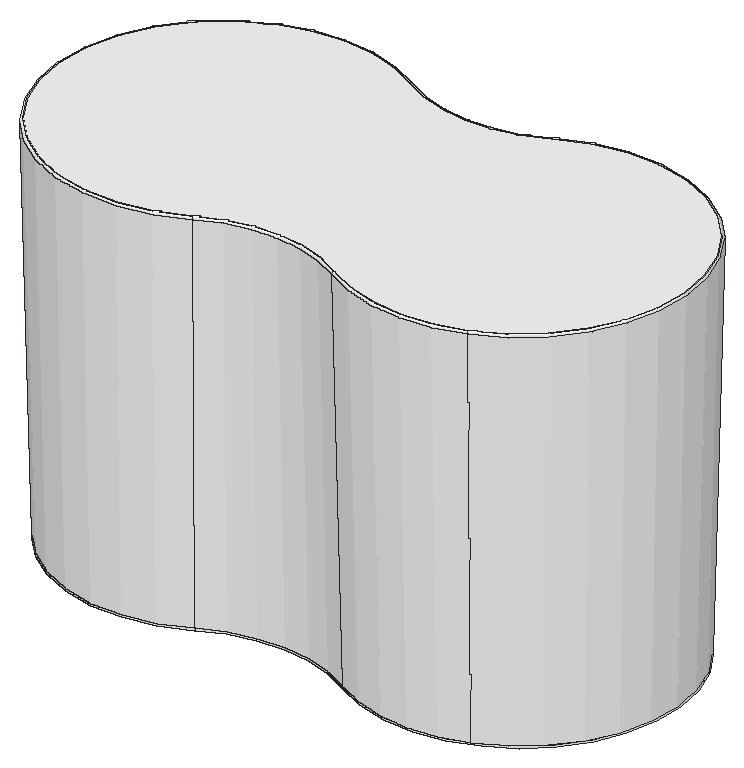
Revit family "INTONO C IN 3.8", category Lighting Fixtures, host Ceiling, Revit 2020
Family settings
  Host = Ceiling
  Round Connector Dimension = Use Diameter
  Part Type = Normal
  OmniClass Number = 23.80.70.11
  OmniClass Title = Luminaries for Internal Lighting
  Always vertical = Yes
  Cut with Voids When Loaded = No
  Light Source = Yes
  Shared = No
  Room Calculation Point = Yes
Parameters (values of type "INTONO C IN 3.8 M 20° (3000K CRI90 9W 24Vdc)")
  Wiring = "-"
  Width mm = 85.00 mm
  Weight kg = "1.15 kg"
  Wattage = 5.53379 W
  Vertical rotation max = 0.00°
  URL Technical sheet = "-"
  URL Image = "https://www.lucelight.it/en/prodotto-foto.php/142268"
  URL IES Photometric file = "https://www.lucelight.it/media/prodotti/fotometrie/intono_c_in_3.8_ies.zip"
  URL General code = "https://www.lucelight.it/en/prodotto.php/142268#a-generacodice"
  URL Description = "https://www.lucelight.it/en/capitolato.php/142268"
  URL DXF = "https://www.lucelight.it/media/prodotti/dxf/intono_c_in_3.8.dxf"
  URL Catalogue = "https://www.lucelight.it/media/prodotti/mf_brochure/intono_c_in_brochure_en.pdf"
  URL Accessories and power supply units = "https://www.lucelight.it/en/prodotto.php/142268#a-scheda-accessori"
  URL = "https://www.lucelight.it/en/prodotto.php/142268"
  Trim = L&L_Black glass
  built-in parameter 1150110 = 1 (stored number, unit not read)
  Tilt Angle = -90.00°
  Power supply unit = "not included"
  Power supply = "230Vac"
  Power cables = "-"
  Power = "9W"
  Photometric Web File = "INTONO C 3.8 M 20° [3000K CRI90 9W 24Vdc].IES"
  Optics = "20°"
  Notes = "Version compatible with Google Home or Amazon Echo available on request for voice command control"
  No. and type of led = "1 high power density COB LED, 2-step MacAdam, 50 000h L95 B10 (Ta 25°C)"
  Mounting = "surface mounted (ceiling)"
  Model = "Intono C IN 3.8"
  Material = "Body in die-cast aluminium, screen in black-serigraphed, tempered, transparent extra-clear glass"
  Manufacturer = "L&L Luce&Light"
  Lumen output at source = "822 lm (3000K, CRI 90), 988 lm (3000K, CRI 80)"
  Lens = L&L_Tempered extra-clear glass
  built-in parameter 1114217 = 1 (stored number, unit not read)
  built-in parameter 1150109 = 1 (stored number, unit not read)
  built-in parameter 1150134 = (empty or 0)
  built-in parameter 1150113 = 1 (stored number, unit not read)
  Lumens = 822 lm
  built-in parameter 1150115 = 1 (stored number, unit not read)
  built-in parameter 1150105 = 65.413 (stored number, unit not read)
  built-in parameter 1150137 = (empty or 0)
  built-in parameter 1150139 = (empty or 0)
  Length mm = 160.00 mm
  built-in parameter 1150112 = 1 (stored number, unit not read)
  built-in parameter 1150114 = 1 (stored number, unit not read)
  LED Colour = "2700K, 3000K, 4000K"
  built-in parameter 1150132 = 2
  built-in parameter 1150102 = (empty or 0)
  built-in parameter 1150138 = (empty or 0)
  built-in parameter 1150107 = 3000 (stored number, unit not read)
  built-in parameter 1150106 = 0.65413 (stored number, unit not read)
  IP = "IP40"
  Horizontal rotation max = 0.00°
  Height mm = 100.00 mm
  Features = "easy installation thanks to 4-point magnetic fastener"
  Energy efficiency class = "A A+ A++"
  Emit from Line Length = 609.60 mm
  built-in parameter 1150104 = 13.8 (stored number, unit not read)
  Dimming Lamp Color Temperature Shift = <None>
  Description = "Ceiling mounted for indoor applications"
  Delivered lumen output = "649 lm (3000K, 20°, CRI 90), 783 lm (3000K, 20°, CRI 80)"
  Default Elevation = 0.00 mm
  Cutout dimensions = "-"
  Control system = "ON/OFF"
  Contact = "T: +39 0444 360571; E: lucelight@lucelight.it"
  Company = "L&L Luce&Light"
  Color Filter = 16777215
  Code = "-"
  CRI = "CRI 80; CRI >90"
  built-in parameter 1114218 = 1 (stored number, unit not read)
  Body = L&L _Aluminium low copper
  built-in parameter 1150133 = 10 (stored number, unit not read)
Reference planes
  plane 1 "Light Source Axis (F/B)": y = 0
  plane 2 "Ceiling": z = 2438.4
  plane 3 "Light Source Axis (L/R)": x = 0
  plane 4 "Light Source Elevation": z = 2336.8
Dimensions and locks
  equal spacing: host sketch curve, plane 3 "Light Source Axis (L/R)", host sketch curve
  equal spacing: host sketch curve, plane 1 "Light Source Axis (F/B)", host sketch curve
  host sketch curve to host sketch curve = 3048.00 mm  (x2)
  aligned and locked: plane 3 "Light Source Axis (L/R)" to imposter light
  aligned and locked: plane 1 "Light Source Axis (F/B)" to imposter light
  aligned and locked: plane 4 "Light Source Elevation" to imposter light
Nested families
  nested 1: "INTONO C IN 3.8_mod" at (0, 0, 2438.4), type "INTONO C IN 3.8_mod"
Definition of nested family "INTONO C IN 3.8_mod"
  Parameters (values of type "INTONO C IN 3.8_mod")
    Trim = none
    Lens = none
    Default Elevation = 1219.20 mm
    Body = none
    B = none
  Reference planes
    plane 1 "Light Source Axis (F/B)": y = 0
    plane 2: z = 0
    plane 3 "Light Source Axis (L/R)": x = 0
    plane 4 "Light Source Elevation": z = 0
    plane 5: z = 82.5
    plane 6: x = -51.427
    plane 7: x = 51.427
    plane 8: x = 50.013
    plane 9: x = -50.013
    plane 10: z = -100.7
  Forms (mm)
    Sweep 1, solid, material <- "Body", detail levels medium+fine
      path origin (0, 0, 0) x (0, 1, 0) y (-1, 0, 0)
        loop
          arc (36.903, 18.694) -> (42.54, 37.522) -> (39.127, 56.877) r 42.612
          arc (39.127, 56.877) -> (-19.124, 78.08) -> (-36.903, 18.694) r 42.612
          arc (-36.903, 18.694) -> (-31.894, 0) -> (-36.903, -18.694) r 37.388
          arc (-36.903, -18.694) -> (-42.54, -37.522) -> (-39.127, -56.877) r 42.612
          arc (-39.127, -56.877) -> (19.124, -78.08) -> (36.903, -18.694) r 42.612
          arc (36.903, -18.694) -> (31.894, 0) -> (36.903, 18.694) r 37.388
      profile origin (-37.522, 42.54, 0) x (-0.05815, -0.998308, 0) y (0, 0, 1)
        loop
          line (0, -0.593) -> (2.488, -100.2) -> (3.366, -100.2) -> (5.058, -100.2) -> (0.566, -0.001)
          arc (0.566, -0.001) -> (0.164, -0.183) -> (0, -0.593) r 0.593
    Extrusion 2, solid, material <- "Body", detail levels coarse
      sketch origin (67.536, 184.895, -80.493) x (0, 1, 0) y (-1, 0, 0)
        loop
          arc (-147.719, 128.363) -> (-205.962, 144.577) -> (-221.798, 86.23) r 42.612
          arc (-221.798, 86.23) -> (-216.789, 67.536) -> (-221.798, 48.842) r 37.388
          arc (-221.798, 48.842) -> (-227.506, 27.812) -> (-222.071, 6.71) r 42.612
          arc (-222.071, 6.71) -> (-163.828, -9.504) -> (-147.992, 48.842) r 42.612
          arc (-147.992, 48.842) -> (-153.001, 67.536) -> (-147.992, 86.23) r 37.388
          arc (-147.992, 86.23) -> (-142.284, 107.261) -> (-147.719, 128.363) r 42.612
      from -20.207 to 80.493
    Extrusion 3, solid, material <- "Body", detail levels medium+fine
      sketch origin (0, 0, -2) x (0, 1, 0) y (-1, 0, 0)
        loop
          arc (-36.413, 18.977) -> (-31.328, 0) -> (-36.413, -18.977) r 37.954
          arc (-36.413, -18.977) -> (-41.974, -37.555) -> (-38.607, -56.653) r 42.046
          arc (-38.607, -56.653) -> (18.87, -77.573) -> (36.413, -18.977) r 42.046
          arc (36.413, -18.977) -> (31.328, 0) -> (36.413, 18.977) r 37.954
          arc (36.413, 18.977) -> (41.974, 37.555) -> (38.607, 56.653) r 42.046
          arc (38.607, 56.653) -> (-18.87, 77.573) -> (-36.413, 18.977) r 42.046
      from 0 to 2
    Extrusion 4, solid, material <- "Body", detail levels medium+fine
      sketch origin (-25, 0, -100.2) x (0.879138, 0.476568, 0) y (0.476568, -0.879138, 0)
        loop
          arc (90.792, 9.061) -> (78.606, 64.917) -> (22.919, 51.982) r 40.156
          arc (22.919, 51.982) -> (7.949, 37.795) -> (-12.109, 32.993) r 39.844
          arc (-12.109, 32.993) -> (-31.849, 28.408) -> (-46.836, 14.767) r 40.156
          arc (-46.836, 14.767) -> (-34.649, -41.088) -> (21.038, -28.153) r 40.156
          arc (21.038, -28.153) -> (36.008, -13.966) -> (56.066, -9.165) r 39.844
          arc (56.066, -9.165) -> (75.805, -4.58) -> (90.792, 9.061) r 40.156
        loop
          circle (57.144, 30.977) r 36.141
        loop
          circle (-13.187, -7.149) r 36.141
      from 0 to 0.5
    Extrusion 5, solid, material <- "B", detail levels fine
      sketch origin (-25, 0, -100.2) x (0.879138, 0.476568, 0) y (0.476568, -0.879138, 0)
        loop
          circle (-13.187, -7.149) r 36.141
        loop
          circle (57.144, 30.977) r 36.141
        loop
          circle (57.144, 30.977) r 30
        loop
          line (-28.602, 12.386) -> (-29.029, 10.948) -> (-27.591, 10.521) -> (-27.164, 11.959) -> (-28.602, 12.386)
        loop
          line (-24.872, 14.408) -> (-25.299, 12.97) -> (-23.861, 12.543) -> (-23.434, 13.981) -> (-24.872, 14.408)
        loop
          line (-21.143, 16.43) -> (-21.57, 14.992) -> (-20.132, 14.565) -> (-19.705, 16.003) -> (-21.143, 16.43)
        loop
          line (-33.227, 7.5) -> (-33.654, 6.062) -> (-32.216, 5.635) -> (-31.789, 7.073) -> (-33.227, 7.5)
        loop
          line (-29.456, 9.51) -> (-29.883, 8.072) -> (-28.445, 7.645) -> (-28.018, 9.083) -> (-29.456, 9.51)
        loop
          line (-27.434, 5.78) -> (-27.861, 4.342) -> (-26.423, 3.915) -> (-25.996, 5.353) -> (-27.434, 5.78)
        loop
          line (-25.412, 2.05) -> (-25.839, 0.612) -> (-24.401, 0.185) -> (-23.974, 1.623) -> (-25.412, 2.05)
        loop
          line (-23.391, -1.68) -> (-23.817, -3.118) -> (-22.38, -3.545) -> (-21.953, -2.107) -> (-23.391, -1.68)
        loop
          line (-21.369, -5.41) -> (-21.796, -6.848) -> (-20.358, -7.274) -> (-19.931, -5.837) -> (-21.369, -5.41)
        loop
          line (-19.347, -9.139) -> (-19.774, -10.577) -> (-18.336, -11.004) -> (-17.909, -9.566) -> (-19.347, -9.139)
        loop
          line (-17.325, -12.869) -> (-17.752, -14.307) -> (-16.314, -14.734) -> (-15.887, -13.296) -> (-17.325, -12.869)
        loop
          line (-15.303, -16.599) -> (-15.73, -18.037) -> (-14.292, -18.464) -> (-13.865, -17.026) -> (-15.303, -16.599)
        loop
          line (-13.281, -20.329) -> (-13.708, -21.767) -> (-12.27, -22.194) -> (-11.843, -20.756) -> (-13.281, -20.329)
        loop
          line (-11.259, -24.059) -> (-11.686, -25.497) -> (-10.248, -25.924) -> (-9.821, -24.486) -> (-11.259, -24.059)
        loop
          line (-9.237, -27.789) -> (-9.664, -29.227) -> (-8.226, -29.654) -> (-7.799, -28.216) -> (-9.237, -27.789)
        loop
          line (-26.58, 8.656) -> (-27.007, 7.218) -> (-25.569, 6.791) -> (-25.142, 8.229) -> (-26.58, 8.656)
        loop
          line (-24.558, 4.926) -> (-24.985, 3.488) -> (-23.547, 3.061) -> (-23.121, 4.499) -> (-24.558, 4.926)
        loop
          line (-22.537, 1.196) -> (-22.964, -0.242) -> (-21.526, -0.669) -> (-21.099, 0.769) -> (-22.537, 1.196)
        loop
          line (-20.515, -2.534) -> (-20.942, -3.972) -> (-19.504, -4.399) -> (-19.077, -2.961) -> (-20.515, -2.534)
        loop
          line (-18.493, -6.264) -> (-18.92, -7.702) -> (-17.482, -8.129) -> (-17.055, -6.691) -> (-18.493, -6.264)
        loop
          line (-16.471, -9.993) -> (-16.898, -11.431) -> (-15.46, -11.858) -> (-15.033, -10.42) -> (-16.471, -9.993)
        loop
          line (-14.449, -13.723) -> (-14.876, -15.161) -> (-13.438, -15.588) -> (-13.011, -14.15) -> (-14.449, -13.723)
        loop
          line (-12.427, -17.453) -> (-12.854, -18.891) -> (-11.416, -19.318) -> (-10.989, -17.88) -> (-12.427, -17.453)
        loop
          line (-10.405, -21.183) -> (-10.832, -22.621) -> (-9.394, -23.048) -> (-8.967, -21.61) -> (-10.405, -21.183)
        loop
          line (-8.383, -24.913) -> (-8.81, -26.351) -> (-7.372, -26.778) -> (-6.945, -25.34) -> (-8.383, -24.913)
        loop
          line (-23.707, 7.802) -> (-24.134, 6.365) -> (-22.696, 5.938) -> (-22.269, 7.375) -> (-23.707, 7.802)
        loop
          line (-21.685, 4.073) -> (-22.112, 2.635) -> (-20.674, 2.208) -> (-20.247, 3.646) -> (-21.685, 4.073)
        loop
          line (-19.663, 0.343) -> (-20.09, -1.095) -> (-18.652, -1.522) -> (-18.225, -0.084) -> (-19.663, 0.343)
        loop
          line (-17.641, -3.387) -> (-18.068, -4.825) -> (-16.63, -5.252) -> (-16.203, -3.814) -> (-17.641, -3.387)
        loop
          line (-15.619, -7.117) -> (-16.046, -8.555) -> (-14.608, -8.982) -> (-14.181, -7.544) -> (-15.619, -7.117)
        loop
          line (-13.597, -10.847) -> (-14.024, -12.285) -> (-12.586, -12.712) -> (-12.159, -11.274) -> (-13.597, -10.847)
        loop
          line (-11.575, -14.577) -> (-12.002, -16.015) -> (-10.564, -16.442) -> (-10.137, -15.004) -> (-11.575, -14.577)
        loop
          line (-9.553, -18.307) -> (-9.98, -19.745) -> (-8.542, -20.172) -> (-8.115, -18.734) -> (-9.553, -18.307)
        loop
          line (-7.531, -22.036) -> (-7.958, -23.474) -> (-6.52, -23.901) -> (-6.093, -22.463) -> (-7.531, -22.036)
        loop
          line (-5.509, -25.766) -> (-5.936, -27.204) -> (-4.498, -27.631) -> (-4.071, -26.193) -> (-5.509, -25.766)
        loop
          line (-22.847, 10.698) -> (-23.274, 9.26) -> (-21.836, 8.833) -> (-21.409, 10.271) -> (-22.847, 10.698)
        loop
          line (-20.825, 6.968) -> (-21.252, 5.53) -> (-19.814, 5.103) -> (-19.387, 6.541) -> (-20.825, 6.968)
        loop
          line (-18.803, 3.238) -> (-19.23, 1.8) -> (-17.792, 1.373) -> (-17.365, 2.811) -> (-18.803, 3.238)
        loop
          line (-16.781, -0.492) -> (-17.208, -1.93) -> (-15.77, -2.357) -> (-15.343, -0.919) -> (-16.781, -0.492)
        loop
          line (-14.759, -4.221) -> (-15.186, -5.659) -> (-13.748, -6.086) -> (-13.321, -4.648) -> (-14.759, -4.221)
        loop
          line (-12.737, -7.951) -> (-13.164, -9.389) -> (-11.726, -9.816) -> (-11.299, -8.378) -> (-12.737, -7.951)
        loop
          line (-10.715, -11.681) -> (-11.142, -13.119) -> (-9.704, -13.546) -> (-9.277, -12.108) -> (-10.715, -11.681)
        loop
          line (-8.693, -15.411) -> (-9.12, -16.849) -> (-7.682, -17.276) -> (-7.255, -15.838) -> (-8.693, -15.411)
        loop
          line (-6.671, -19.141) -> (-7.098, -20.579) -> (-5.661, -21.006) -> (-5.234, -19.568) -> (-6.671, -19.141)
        loop
          line (-4.65, -22.871) -> (-5.077, -24.309) -> (-3.639, -24.736) -> (-3.212, -23.298) -> (-4.65, -22.871)
        loop
          line (-19.948, 9.837) -> (-20.375, 8.399) -> (-18.937, 7.972) -> (-18.51, 9.41) -> (-19.948, 9.837)
        loop
          line (-17.926, 6.107) -> (-18.353, 4.67) -> (-16.915, 4.243) -> (-16.488, 5.68) -> (-17.926, 6.107)
        loop
          line (-15.905, 2.378) -> (-16.332, 0.94) -> (-14.894, 0.513) -> (-14.467, 1.951) -> (-15.905, 2.378)
        loop
          line (-13.883, -1.352) -> (-14.31, -2.79) -> (-12.872, -3.217) -> (-12.445, -1.779) -> (-13.883, -1.352)
        loop
          line (-11.861, -5.082) -> (-12.288, -6.52) -> (-10.85, -6.947) -> (-10.423, -5.509) -> (-11.861, -5.082)
        loop
          line (-9.839, -8.812) -> (-10.266, -10.25) -> (-8.828, -10.677) -> (-8.401, -9.239) -> (-9.839, -8.812)
        loop
          line (-7.817, -12.542) -> (-8.244, -13.98) -> (-6.806, -14.407) -> (-6.379, -12.969) -> (-7.817, -12.542)
        loop
          line (-5.795, -16.272) -> (-6.222, -17.71) -> (-4.784, -18.137) -> (-4.357, -16.699) -> (-5.795, -16.272)
        loop
          line (-3.773, -20.002) -> (-4.2, -21.44) -> (-2.762, -21.867) -> (-2.335, -20.429) -> (-3.773, -20.002)
        loop
          line (-1.751, -23.731) -> (-2.178, -25.169) -> (-0.74, -25.596) -> (-0.313, -24.158) -> (-1.751, -23.731)
        loop
          line (-19.1, 12.693) -> (-19.527, 11.256) -> (-18.089, 10.829) -> (-17.662, 12.266) -> (-19.1, 12.693)
        loop
          line (-17.078, 8.964) -> (-17.505, 7.526) -> (-16.067, 7.099) -> (-15.64, 8.537) -> (-17.078, 8.964)
        loop
          line (-15.056, 5.234) -> (-15.483, 3.796) -> (-14.045, 3.369) -> (-13.618, 4.807) -> (-15.056, 5.234)
        loop
          line (-13.034, 1.504) -> (-13.461, 0.066) -> (-12.024, -0.361) -> (-11.597, 1.077) -> (-13.034, 1.504)
        loop
          line (-11.013, -2.226) -> (-11.44, -3.664) -> (-10.002, -4.091) -> (-9.575, -2.653) -> (-11.013, -2.226)
        loop
          line (-8.991, -5.956) -> (-9.418, -7.394) -> (-7.98, -7.821) -> (-7.553, -6.383) -> (-8.991, -5.956)
        loop
          line (-6.969, -9.686) -> (-7.396, -11.124) -> (-5.958, -11.551) -> (-5.531, -10.113) -> (-6.969, -9.686)
        loop
          line (-4.947, -13.416) -> (-5.374, -14.854) -> (-3.936, -15.281) -> (-3.509, -13.843) -> (-4.947, -13.416)
        loop
          line (-2.925, -17.145) -> (-3.352, -18.583) -> (-1.914, -19.01) -> (-1.487, -17.572) -> (-2.925, -17.145)
        loop
          line (-0.903, -20.875) -> (-1.33, -22.313) -> (0.108, -22.74) -> (0.535, -21.302) -> (-0.903, -20.875)
        loop
          line (-15.397, 14.701) -> (-15.824, 13.263) -> (-14.386, 12.836) -> (-13.959, 14.274) -> (-15.397, 14.701)
        loop
          line (-13.375, 10.971) -> (-13.802, 9.533) -> (-12.364, 9.106) -> (-11.937, 10.544) -> (-13.375, 10.971)
        loop
          line (-11.353, 7.241) -> (-11.78, 5.803) -> (-10.342, 5.376) -> (-9.915, 6.814) -> (-11.353, 7.241)
        loop
          line (-9.331, 3.511) -> (-9.758, 2.073) -> (-8.32, 1.646) -> (-7.893, 3.084) -> (-9.331, 3.511)
        loop
          line (-7.309, -0.218) -> (-7.736, -1.656) -> (-6.298, -2.083) -> (-5.871, -0.645) -> (-7.309, -0.218)
        loop
          line (-5.287, -3.948) -> (-5.714, -5.386) -> (-4.276, -5.813) -> (-3.849, -4.375) -> (-5.287, -3.948)
        loop
          line (-3.265, -7.678) -> (-3.692, -9.116) -> (-2.254, -9.543) -> (-1.827, -8.105) -> (-3.265, -7.678)
        loop
          line (-1.244, -11.408) -> (-1.671, -12.846) -> (-0.233, -13.273) -> (0.194, -11.835) -> (-1.244, -11.408)
        loop
          line (0.778, -15.138) -> (0.351, -16.576) -> (1.789, -17.003) -> (2.216, -15.565) -> (0.778, -15.138)
        loop
          line (2.8, -18.868) -> (2.373, -20.306) -> (3.811, -20.733) -> (4.238, -19.295) -> (2.8, -18.868)
        loop
          line (-14.536, 17.6) -> (-14.963, 16.162) -> (-13.525, 15.735) -> (-13.098, 17.173) -> (-14.536, 17.6)
        loop
          line (-12.514, 13.87) -> (-12.941, 12.432) -> (-11.503, 12.005) -> (-11.076, 13.443) -> (-12.514, 13.87)
        loop
          line (-10.492, 10.14) -> (-10.919, 8.702) -> (-9.481, 8.275) -> (-9.054, 9.713) -> (-10.492, 10.14)
        loop
          line (-8.47, 6.41) -> (-8.897, 4.972) -> (-7.459, 4.545) -> (-7.033, 5.983) -> (-8.47, 6.41)
        loop
          line (-6.449, 2.68) -> (-6.876, 1.242) -> (-5.438, 0.815) -> (-5.011, 2.253) -> (-6.449, 2.68)
        loop
          line (-4.427, -1.05) -> (-4.854, -2.488) -> (-3.416, -2.915) -> (-2.989, -1.477) -> (-4.427, -1.05)
        loop
          line (-2.405, -4.78) -> (-2.832, -6.218) -> (-1.394, -6.645) -> (-0.967, -5.207) -> (-2.405, -4.78)
        loop
          line (-0.383, -8.51) -> (-0.81, -9.947) -> (0.628, -10.374) -> (1.055, -8.937) -> (-0.383, -8.51)
        loop
          line (1.639, -12.239) -> (1.212, -13.677) -> (2.65, -14.104) -> (3.077, -12.666) -> (1.639, -12.239)
        loop
          line (3.661, -15.969) -> (3.234, -17.407) -> (4.672, -17.834) -> (5.099, -16.396) -> (3.661, -15.969)
        loop
          line (-11.662, 16.739) -> (-12.089, 15.301) -> (-10.651, 14.874) -> (-10.224, 16.312) -> (-11.662, 16.739)
        loop
          line (-9.64, 13.009) -> (-10.067, 11.571) -> (-8.629, 11.144) -> (-8.202, 12.582) -> (-9.64, 13.009)
        loop
          line (-7.618, 9.279) -> (-8.045, 7.842) -> (-6.607, 7.415) -> (-6.18, 8.853) -> (-7.618, 9.279)
        loop
          line (-5.596, 5.55) -> (-6.023, 4.112) -> (-4.585, 3.685) -> (-4.158, 5.123) -> (-5.596, 5.55)
        loop
          line (-3.575, 1.82) -> (-4.002, 0.382) -> (-2.564, -0.045) -> (-2.137, 1.393) -> (-3.575, 1.82)
        loop
          line (-1.553, -1.91) -> (-1.98, -3.348) -> (-0.542, -3.775) -> (-0.115, -2.337) -> (-1.553, -1.91)
        loop
          line (0.469, -5.64) -> (0.042, -7.078) -> (1.48, -7.505) -> (1.907, -6.067) -> (0.469, -5.64)
        loop
          line (2.491, -9.37) -> (2.064, -10.808) -> (3.502, -11.235) -> (3.929, -9.797) -> (2.491, -9.37)
        loop
          line (4.513, -13.1) -> (4.086, -14.538) -> (5.524, -14.965) -> (5.951, -13.527) -> (4.513, -13.1)
        loop
          line (-8.78, 15.883) -> (-9.207, 14.445) -> (-7.769, 14.018) -> (-7.342, 15.456) -> (-8.78, 15.883)
        loop
          line (-6.758, 12.154) -> (-7.185, 10.716) -> (-5.747, 10.289) -> (-5.32, 11.727) -> (-6.758, 12.154)
        loop
          line (-4.736, 8.424) -> (-5.163, 6.986) -> (-3.725, 6.559) -> (-3.298, 7.997) -> (-4.736, 8.424)
        loop
          line (-2.714, 4.694) -> (-3.141, 3.256) -> (-1.703, 2.829) -> (-1.276, 4.267) -> (-2.714, 4.694)
        loop
          line (-0.692, 0.964) -> (-1.119, -0.474) -> (0.319, -0.901) -> (0.746, 0.537) -> (-0.692, 0.964)
        loop
          line (1.33, -2.766) -> (0.903, -4.204) -> (2.34, -4.631) -> (2.767, -3.193) -> (1.33, -2.766)
        loop
          line (3.351, -6.496) -> (2.924, -7.934) -> (4.362, -8.361) -> (4.789, -6.923) -> (3.351, -6.496)
        loop
          line (5.373, -10.226) -> (4.946, -11.664) -> (6.384, -12.091) -> (6.811, -10.653) -> (5.373, -10.226)
        loop
          line (7.395, -13.956) -> (6.968, -15.393) -> (8.406, -15.82) -> (8.833, -14.383) -> (7.395, -13.956)
        loop
          line (-18.249, 15.561) -> (-18.676, 14.123) -> (-17.238, 13.697) -> (-16.811, 15.134) -> (-18.249, 15.561)
        loop
          line (-16.227, 11.832) -> (-16.654, 10.394) -> (-15.216, 9.967) -> (-14.789, 11.405) -> (-16.227, 11.832)
        loop
          line (-14.205, 8.102) -> (-14.632, 6.664) -> (-13.194, 6.237) -> (-12.767, 7.675) -> (-14.205, 8.102)
        loop
          line (-12.183, 4.372) -> (-12.61, 2.934) -> (-11.172, 2.507) -> (-10.745, 3.945) -> (-12.183, 4.372)
        loop
          line (-10.161, 0.642) -> (-10.588, -0.796) -> (-9.15, -1.223) -> (-8.723, 0.215) -> (-10.161, 0.642)
        loop
          line (-8.139, -3.088) -> (-8.566, -4.526) -> (-7.128, -4.953) -> (-6.701, -3.515) -> (-8.139, -3.088)
        loop
          line (-6.117, -6.818) -> (-6.544, -8.256) -> (-5.106, -8.683) -> (-4.679, -7.245) -> (-6.117, -6.818)
        loop
          line (-4.095, -10.548) -> (-4.522, -11.986) -> (-3.084, -12.413) -> (-2.657, -10.975) -> (-4.095, -10.548)
        loop
          line (-2.073, -14.277) -> (-2.5, -15.715) -> (-1.062, -16.142) -> (-0.635, -14.704) -> (-2.073, -14.277)
        loop
          line (-0.051, -18.007) -> (-0.478, -19.445) -> (0.96, -19.872) -> (1.387, -18.434) -> (-0.051, -18.007)
        loop
          line (-30.31, 6.634) -> (-30.737, 5.196) -> (-29.299, 4.769) -> (-28.872, 6.207) -> (-30.31, 6.634)
        loop
          line (-28.288, 2.904) -> (-28.715, 1.466) -> (-27.277, 1.039) -> (-26.85, 2.477) -> (-28.288, 2.904)
        loop
          line (-26.266, -0.826) -> (-26.693, -2.264) -> (-25.255, -2.691) -> (-24.828, -1.253) -> (-26.266, -0.826)
        loop
          line (-24.244, -4.556) -> (-24.671, -5.994) -> (-23.234, -6.421) -> (-22.807, -4.983) -> (-24.244, -4.556)
        loop
          line (-22.223, -8.285) -> (-22.65, -9.723) -> (-21.212, -10.15) -> (-20.785, -8.712) -> (-22.223, -8.285)
        loop
          line (-20.201, -12.015) -> (-20.628, -13.453) -> (-19.19, -13.88) -> (-18.763, -12.442) -> (-20.201, -12.015)
        loop
          line (-18.179, -15.745) -> (-18.606, -17.183) -> (-17.168, -17.61) -> (-16.741, -16.172) -> (-18.179, -15.745)
        loop
          line (-16.157, -19.475) -> (-16.584, -20.913) -> (-15.146, -21.34) -> (-14.719, -19.902) -> (-16.157, -19.475)
        loop
          line (-14.135, -23.205) -> (-14.562, -24.643) -> (-13.124, -25.07) -> (-12.697, -23.632) -> (-14.135, -23.205)
        loop
          line (-12.113, -26.935) -> (-12.54, -28.373) -> (-11.102, -28.8) -> (-10.675, -27.362) -> (-12.113, -26.935)
        loop
          line (-31.136, 3.75) -> (-31.563, 2.312) -> (-30.125, 1.885) -> (-29.698, 3.323) -> (-31.136, 3.75)
        loop
          line (-29.114, 0.02) -> (-29.541, -1.418) -> (-28.103, -1.845) -> (-27.676, -0.407) -> (-29.114, 0.02)
        loop
          line (-27.093, -3.71) -> (-27.52, -5.148) -> (-26.082, -5.575) -> (-25.655, -4.137) -> (-27.093, -3.71)
        loop
          line (-25.071, -7.44) -> (-25.498, -8.878) -> (-24.06, -9.305) -> (-23.633, -7.867) -> (-25.071, -7.44)
        loop
          line (-23.049, -11.17) -> (-23.476, -12.608) -> (-22.038, -13.035) -> (-21.611, -11.597) -> (-23.049, -11.17)
        loop
          line (-21.027, -14.899) -> (-21.454, -16.337) -> (-20.016, -16.764) -> (-19.589, -15.326) -> (-21.027, -14.899)
        loop
          line (-19.005, -18.629) -> (-19.432, -20.067) -> (-17.994, -20.494) -> (-17.567, -19.056) -> (-19.005, -18.629)
        loop
          line (-16.983, -22.359) -> (-17.41, -23.797) -> (-15.972, -24.224) -> (-15.545, -22.786) -> (-16.983, -22.359)
        loop
          line (-14.961, -26.089) -> (-15.388, -27.527) -> (-13.95, -27.954) -> (-13.523, -26.516) -> (-14.961, -26.089)
        loop
          line (-34.024, 4.564) -> (-34.451, 3.126) -> (-33.013, 2.699) -> (-32.586, 4.137) -> (-34.024, 4.564)
        loop
          line (-32.002, 0.834) -> (-32.429, -0.604) -> (-30.991, -1.031) -> (-30.564, 0.407) -> (-32.002, 0.834)
        loop
          line (-29.98, -2.896) -> (-30.407, -4.334) -> (-28.969, -4.761) -> (-28.542, -3.323) -> (-29.98, -2.896)
        loop
          line (-27.958, -6.626) -> (-28.385, -8.064) -> (-26.947, -8.491) -> (-26.52, -7.053) -> (-27.958, -6.626)
        loop
          line (-25.936, -10.355) -> (-26.363, -11.793) -> (-24.925, -12.22) -> (-24.498, -10.782) -> (-25.936, -10.355)
        loop
          line (-23.915, -14.085) -> (-24.342, -15.523) -> (-22.904, -15.95) -> (-22.477, -14.512) -> (-23.915, -14.085)
        loop
          line (-21.893, -17.815) -> (-22.32, -19.253) -> (-20.882, -19.68) -> (-20.455, -18.242) -> (-21.893, -17.815)
        loop
          line (-19.871, -21.545) -> (-20.298, -22.983) -> (-18.86, -23.41) -> (-18.433, -21.972) -> (-19.871, -21.545)
        loop
          line (-17.849, -25.275) -> (-18.276, -26.713) -> (-16.838, -27.14) -> (-16.411, -25.702) -> (-17.849, -25.275)
        loop
          line (-15.827, -29.005) -> (-16.254, -30.443) -> (-14.816, -30.87) -> (-14.389, -29.432) -> (-15.827, -29.005)
        loop
          line (-34.877, 1.688) -> (-35.304, 0.25) -> (-33.866, -0.177) -> (-33.439, 1.261) -> (-34.877, 1.688)
        loop
          line (-32.855, -2.042) -> (-33.282, -3.48) -> (-31.844, -3.907) -> (-31.417, -2.469) -> (-32.855, -2.042)
        loop
          line (-30.833, -5.772) -> (-31.26, -7.21) -> (-29.822, -7.637) -> (-29.395, -6.199) -> (-30.833, -5.772)
        loop
          line (-28.811, -9.502) -> (-29.238, -10.94) -> (-27.801, -11.367) -> (-27.374, -9.929) -> (-28.811, -9.502)
        loop
          line (-26.79, -13.232) -> (-27.217, -14.67) -> (-25.779, -15.096) -> (-25.352, -13.659) -> (-26.79, -13.232)
        loop
          line (-24.768, -16.961) -> (-25.195, -18.399) -> (-23.757, -18.826) -> (-23.33, -17.388) -> (-24.768, -16.961)
        loop
          line (-22.746, -20.691) -> (-23.173, -22.129) -> (-21.735, -22.556) -> (-21.308, -21.118) -> (-22.746, -20.691)
        loop
          line (-20.724, -24.421) -> (-21.151, -25.859) -> (-19.713, -26.286) -> (-19.286, -24.848) -> (-20.724, -24.421)
        loop
          line (-18.702, -28.151) -> (-19.129, -29.589) -> (-17.691, -30.016) -> (-17.264, -28.578) -> (-18.702, -28.151)
        loop
          line (-35.731, -1.188) -> (-36.158, -2.626) -> (-34.72, -3.053) -> (-34.293, -1.615) -> (-35.731, -1.188)
        loop
          line (-33.709, -4.918) -> (-34.136, -6.356) -> (-32.698, -6.783) -> (-32.271, -5.345) -> (-33.709, -4.918)
        loop
          line (-31.687, -8.648) -> (-32.114, -10.086) -> (-30.676, -10.513) -> (-30.249, -9.075) -> (-31.687, -8.648)
        loop
          line (-29.665, -12.378) -> (-30.092, -13.816) -> (-28.655, -14.243) -> (-28.228, -12.805) -> (-29.665, -12.378)
        loop
          line (-27.644, -16.107) -> (-28.071, -17.545) -> (-26.633, -17.972) -> (-26.206, -16.534) -> (-27.644, -16.107)
        loop
          line (-25.622, -19.837) -> (-26.049, -21.275) -> (-24.611, -21.702) -> (-24.184, -20.264) -> (-25.622, -19.837)
        loop
          line (-23.6, -23.567) -> (-24.027, -25.005) -> (-22.589, -25.432) -> (-22.162, -23.994) -> (-23.6, -23.567)
        loop
          line (-21.578, -27.297) -> (-22.005, -28.735) -> (-20.567, -29.162) -> (-20.14, -27.724) -> (-21.578, -27.297)
        loop
          line (-36.628, -4.051) -> (-37.055, -5.489) -> (-35.617, -5.916) -> (-35.19, -4.478) -> (-36.628, -4.051)
        loop
          line (-34.606, -7.781) -> (-35.033, -9.219) -> (-33.595, -9.646) -> (-33.168, -8.208) -> (-34.606, -7.781)
        loop
          line (-32.584, -11.511) -> (-33.011, -12.949) -> (-31.573, -13.376) -> (-31.146, -11.938) -> (-32.584, -11.511)
        loop
          line (-30.562, -15.241) -> (-30.989, -16.679) -> (-29.551, -17.106) -> (-29.124, -15.668) -> (-30.562, -15.241)
        loop
          line (-28.54, -18.971) -> (-28.967, -20.409) -> (-27.529, -20.836) -> (-27.102, -19.398) -> (-28.54, -18.971)
        loop
          line (-26.518, -22.7) -> (-26.945, -24.138) -> (-25.507, -24.565) -> (-25.08, -23.127) -> (-26.518, -22.7)
        loop
          line (-24.497, -26.43) -> (-24.924, -27.868) -> (-23.486, -28.295) -> (-23.059, -26.857) -> (-24.497, -26.43)
        loop
          line (-37.449, -6.937) -> (-37.876, -8.375) -> (-36.438, -8.802) -> (-36.011, -7.364) -> (-37.449, -6.937)
        loop
          line (-35.427, -10.667) -> (-35.854, -12.105) -> (-34.416, -12.532) -> (-33.989, -11.094) -> (-35.427, -10.667)
        loop
          line (-33.406, -14.396) -> (-33.833, -15.834) -> (-32.395, -16.261) -> (-31.968, -14.823) -> (-33.406, -14.396)
        loop
          line (-31.384, -18.126) -> (-31.811, -19.564) -> (-30.373, -19.991) -> (-29.946, -18.553) -> (-31.384, -18.126)
        loop
          line (-29.362, -21.856) -> (-29.789, -23.294) -> (-28.351, -23.721) -> (-27.924, -22.283) -> (-29.362, -21.856)
        loop
          line (-27.34, -25.586) -> (-27.767, -27.024) -> (-26.329, -27.451) -> (-25.902, -26.013) -> (-27.34, -25.586)
        loop
          line (-36.264, -13.485) -> (-36.691, -14.923) -> (-35.253, -15.35) -> (-34.826, -13.912) -> (-36.264, -13.485)
        loop
          line (-34.242, -17.215) -> (-34.669, -18.653) -> (-33.231, -19.08) -> (-32.804, -17.642) -> (-34.242, -17.215)
        loop
          line (-32.221, -20.945) -> (-32.648, -22.383) -> (-31.21, -22.81) -> (-30.783, -21.372) -> (-32.221, -20.945)
        loop
          line (-5.912, 15.032) -> (-6.339, 13.594) -> (-4.901, 13.167) -> (-4.474, 14.605) -> (-5.912, 15.032)
        loop
          line (-3.89, 11.302) -> (-4.317, 9.864) -> (-2.879, 9.437) -> (-2.452, 10.875) -> (-3.89, 11.302)
        loop
          line (-1.868, 7.572) -> (-2.295, 6.134) -> (-0.857, 5.707) -> (-0.43, 7.145) -> (-1.868, 7.572)
        loop
          line (0.154, 3.842) -> (-0.273, 2.404) -> (1.164, 1.977) -> (1.591, 3.415) -> (0.154, 3.842)
        loop
          line (2.175, 0.112) -> (1.748, -1.326) -> (3.186, -1.753) -> (3.613, -0.315) -> (2.175, 0.112)
        loop
          line (4.197, -3.618) -> (3.77, -5.055) -> (5.208, -5.482) -> (5.635, -4.045) -> (4.197, -3.618)
        loop
          line (6.219, -7.347) -> (5.792, -8.785) -> (7.23, -9.212) -> (7.657, -7.774) -> (6.219, -7.347)
        loop
          line (8.241, -11.077) -> (7.814, -12.515) -> (9.252, -12.942) -> (9.679, -11.504) -> (8.241, -11.077)
        loop
          line (-3.035, 14.181) -> (-3.462, 12.743) -> (-2.024, 12.316) -> (-1.597, 13.754) -> (-3.035, 14.181)
        loop
          line (-1.013, 10.451) -> (-1.44, 9.013) -> (-0.002, 8.586) -> (0.425, 10.024) -> (-1.013, 10.451)
        loop
          line (1.009, 6.721) -> (0.582, 5.284) -> (2.019, 4.857) -> (2.446, 6.295) -> (1.009, 6.721)
        loop
          line (3.03, 2.992) -> (2.603, 1.554) -> (4.041, 1.127) -> (4.468, 2.565) -> (3.03, 2.992)
        loop
          line (5.052, -0.738) -> (4.625, -2.176) -> (6.063, -2.603) -> (6.49, -1.165) -> (5.052, -0.738)
        loop
          line (7.074, -4.468) -> (6.647, -5.906) -> (8.085, -6.333) -> (8.512, -4.895) -> (7.074, -4.468)
        loop
          line (9.096, -8.198) -> (8.669, -9.636) -> (10.107, -10.063) -> (10.534, -8.625) -> (9.096, -8.198)
        loop
          line (-0.159, 13.327) -> (-0.586, 11.889) -> (0.852, 11.462) -> (1.279, 12.9) -> (-0.159, 13.327)
        loop
          line (1.863, 9.597) -> (1.436, 8.159) -> (2.873, 7.732) -> (3.3, 9.17) -> (1.863, 9.597)
        loop
          line (3.884, 5.868) -> (3.457, 4.43) -> (4.895, 4.003) -> (5.322, 5.441) -> (3.884, 5.868)
        loop
          line (5.906, 2.138) -> (5.479, 0.7) -> (6.917, 0.273) -> (7.344, 1.711) -> (5.906, 2.138)
        loop
          line (7.928, -1.592) -> (7.501, -3.03) -> (8.939, -3.457) -> (9.366, -2.019) -> (7.928, -1.592)
        loop
          line (9.95, -5.322) -> (9.523, -6.76) -> (10.961, -7.187) -> (11.388, -5.749) -> (9.95, -5.322)
        loop
          line (4.738, 8.743) -> (4.311, 7.305) -> (5.749, 6.878) -> (6.176, 8.316) -> (4.738, 8.743)
        loop
          line (6.76, 5.014) -> (6.333, 3.576) -> (7.771, 3.149) -> (8.198, 4.587) -> (6.76, 5.014)
        loop
          line (8.782, 1.284) -> (8.355, -0.154) -> (9.793, -0.581) -> (10.22, 0.857) -> (8.782, 1.284)
        loop
          line (-25.726, 11.532) -> (-26.153, 10.094) -> (-24.715, 9.667) -> (-24.288, 11.105) -> (-25.726, 11.532)
        loop
          line (-21.996, 13.554) -> (-22.423, 12.116) -> (-20.986, 11.689) -> (-20.559, 13.127) -> (-21.996, 13.554)
      from -2.5 to -1.5
    Extrusion 6, solid, material <- "Body", detail levels medium+fine
      sketch origin (-25, 0, -100.2) x (0.879138, 0.476568, 0) y (0.476568, -0.879138, 0)
        loop
          circle (57.144, 30.977) r 36.141
        loop
          circle (-13.187, -7.149) r 36.141
        loop
          circle (57.144, 30.977) r 37.381
        loop
          circle (-13.187, -7.149) r 37.381
      from -2.5 to 0
    Extrusion 7, solid, material <- "Lens", detail levels medium
      sketch origin (-25, 0, -100.2) x (0.879138, 0.476568, 0) y (0.476568, -0.879138, 0)
        loop
          circle (57.144, 30.977) r 36.141
      from -2.5 to -1.5
    Extrusion 8, solid, material <- "Lens", detail levels fine
      sketch origin (-25, 0, -100.2) x (0.879138, 0.476568, 0) y (0.476568, -0.879138, 0)
        loop
          circle (57.144, 30.977) r 30
      from -2.5 to -1.5
    Sweep 9, solid, material <- "Body", detail levels medium+fine
      path origin (0, 0, 0) x (0, 1, 0) y (-1, 0, 0)
        loop
          circle (0, 40) r 40.026
      profile origin (-40, 40.026, 0) x (0, 1, 0) y (0, 0, 1)
        loop
          line (-1.273, -84.106) -> (-1.358, -72.266) -> (-14.281, -72.266) -> (-14.281, -80.671) -> (-4.841, -84.106) -> (-1.273, -84.106)
    Extrusion 10, solid, material <- "Lens", detail levels fine
      sketch origin (-25, 0, -81.916) x (0.879138, 0.476568, 0) y (0.476568, -0.879138, 0)
        loop
          circle (57.144, 30.977) r 25.745
        loop
          circle (-13.187, -7.149) r 25.745
      from -2.5 to -1.5
    Extrusion 11, solid, material <- "B", detail levels medium
      sketch origin (-25, 0, -100.2) x (0.879138, 0.476568, 0) y (0.476568, -0.879138, 0)
        loop
          circle (-13.187, -7.149) r 36.141
      from -2.5 to -1.5
    Extrusion 12, solid, material <- "B", detail levels fine
      sketch origin (-25, 0, -100.2) x (0.879138, 0.476568, 0) y (-0.476568, 0.879138, 0)
        loop
          circle (-41.047, -1.216) r 2.35
      from 2 to 1
    Extrusion 13, solid, material <- "B", detail levels fine
      sketch origin (-25, 0, -100.2) x (0.879138, 0.476568, 0) y (-0.476568, 0.879138, 0)
        loop
          line (-41.229, -0.602) -> (-41.93, -0.222) -> (-42.362, -1.019) -> (-41.661, -1.399) -> (-42.041, -2.099) -> (-41.244, -2.531) -> (-40.864, -1.83) -> (-40.164, -2.21) -> (-39.732, -1.413) -> (-40.432, -1.034) -> (-40.053, -0.333) -> (-40.849, 0.099) -> (-41.229, -0.602)
      from 0 to 1
    Extrusion 14, solid, material <- "B", detail levels fine
      sketch origin (16.014, 0, -100.2) x (0.879138, 0.476568, 0) y (-0.476568, 0.879138, 0)
        loop
          circle (-41.047, -1.216) r 2.35
      from 2 to 1
    Extrusion 15, solid, material <- "B", detail levels fine
      sketch origin (16.014, 0, -100.2) x (0.879138, 0.476568, 0) y (-0.476568, 0.879138, 0)
        loop
          line (-41.229, -0.602) -> (-41.93, -0.222) -> (-42.362, -1.019) -> (-41.661, -1.399) -> (-42.041, -2.099) -> (-41.244, -2.531) -> (-40.864, -1.83) -> (-40.164, -2.21) -> (-39.732, -1.413) -> (-40.432, -1.034) -> (-40.053, -0.333) -> (-40.849, 0.099) -> (-41.229, -0.602)
      from 0 to 1
    Extrusion 16, solid, material <- "B", detail levels fine
      sketch origin (-25, -0.234, -100.2) x (-0.879138, 0.476568, 0) y (-0.476568, -0.879138, 0)
        loop
          circle (41.047, -1.216) r 2.35
      from 2 to 1
    Extrusion 17, solid, material <- "B", detail levels fine
      sketch origin (-25, -0.234, -100.2) x (-0.879138, 0.476568, 0) y (-0.476568, -0.879138, 0)
        loop
          line (41.229, -0.602) -> (40.849, 0.099) -> (40.053, -0.333) -> (40.432, -1.034) -> (39.732, -1.413) -> (40.164, -2.21) -> (40.864, -1.83) -> (41.244, -2.531) -> (42.041, -2.099) -> (41.661, -1.399) -> (42.362, -1.019) -> (41.93, -0.222) -> (41.229, -0.602)
      from 0 to 1
    Extrusion 18, solid, material <- "B", detail levels fine
      sketch origin (16.014, -0.234, -100.2) x (-0.879138, 0.476568, 0) y (-0.476568, -0.879138, 0)
        loop
          circle (41.047, -1.216) r 2.35
      from 2 to 1
    Extrusion 19, solid, material <- "B", detail levels fine
      sketch origin (16.014, -0.234, -100.2) x (-0.879138, 0.476568, 0) y (-0.476568, -0.879138, 0)
        loop
          line (41.229, -0.602) -> (40.849, 0.099) -> (40.053, -0.333) -> (40.432, -1.034) -> (39.732, -1.413) -> (40.164, -2.21) -> (40.864, -1.83) -> (41.244, -2.531) -> (42.041, -2.099) -> (41.661, -1.399) -> (42.362, -1.019) -> (41.93, -0.222) -> (41.229, -0.602)
      from 0 to 1
    Sweep 20, solid, material <- "Body", detail levels medium+fine
      path origin (0, 0, 0) x (0, -1, 0) y (1, 0, 0)
        loop
          circle (0, 40) r 40.026
      profile origin (40, 40.026, 0) x (0, -1, 0) y (0, 0, 1)
        loop
          line (1.273, -84.106) -> (4.841, -84.106) -> (14.281, -80.671) -> (14.281, -72.266) -> (1.358, -72.266) -> (1.273, -84.106)
  Dimensions and locks
    plane 4 "Light Source Elevation" to plane 5 = 82.50 mm
    aligned and locked: level to plane 2
